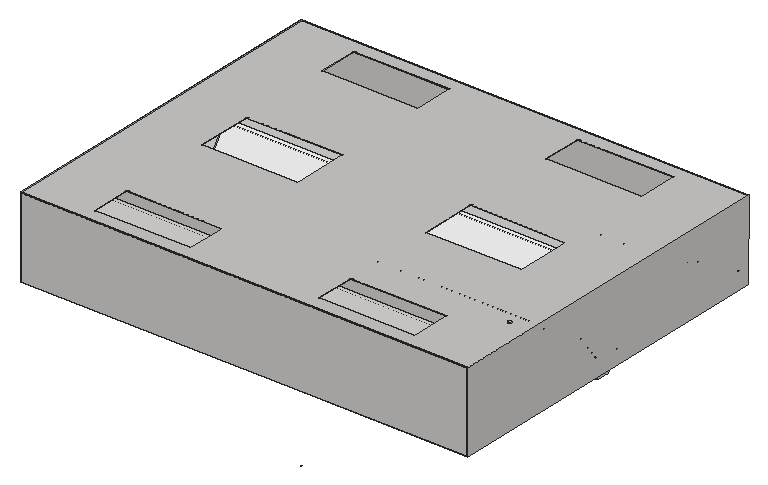
Revit family "QF_ELECTROLUXPROFESSIONAL_641268_STCF2228", category Specialty Equipment, Revit 2014
Reference planes
  plane 1: z = 0
  plane 2 "Center (Left/Right)": x = 150
  plane 3 "LEFT": x = -1250
  plane 4 "RIGHT": x = 1550
  plane 5 "BACK": y = 550
  plane 6 "TOP": z = 2500
  plane 7 "Base": z = 2000
  plane 8: z = 1955
  plane 9: x = -1247
  plane 10 "DrainX": x = 1430
  plane 11 "AOLeft2": x = -250
  plane 12 "AORight1": x = 550
  plane 13: x = 1547
  plane 14: x = -1050
  plane 15: x = 1350
  plane 16 "Center (Front/Back)": y = -550
  plane 17 "Front": y = -1650
  plane 18 "AOLeft1": x = -850
  plane 19 "AORight2": x = 1150
  plane 20 "EI_y": y = -1170
  plane 21 "EIx": x = 1430
  plane 22: y = 464
  plane 23: y = 214
  plane 24: y = -1564
  plane 25: y = -1314
  plane 26: y = -375
  plane 27: y = -725
Forms (mm)
  Extrusion 1, solid, material "QF_Finishes_Stainless Steel"
    sketch origin (-1250, 0, 360) x (0, 1, 0) y (0, 0, 1)
      loop
        line (550, 1640) -> (550, 2140) -> (-1650, 2140) -> (-1650, 1640) -> (550, 1640)
    from 0 to 3
  Extrusion 2, solid, material "QF_Finishes_Stainless Steel"
    sketch origin (1550, 0, 360) x (0, 1, 0) y (0, 0, 1)
      loop
        line (550, 1640) -> (550, 2140) -> (-1650, 2140) -> (-1650, 1640) -> (550, 1640)
    from 0 to -3
  Extrusion 3, solid, material "QF_Finishes_Stainless Steel"
    sketch origin (150, 0, 360) x (0, 1, 0) y (0, 0, 1)
      loop
        line (-1650, 2140) -> (-1650, 1640) -> (-1640, 1640) -> (-1640, 1640.8) -> (-1649.2, 1640.8) -> (-1649.2, 2139.19) -> (549.2, 2139.19) -> (549.2, 1640.8) -> (540, 1640.8) -> (540, 1640) -> (550, 1640) -> (550, 2140) -> (-1650, 2140)
    from -1400 to 1400
  Extrusion 4, solid, material "QF_Finishes_Stainless Steel"
    sketch origin (0, -840, 2000) x (0, 1, 0) y (-1, 0, 0)
      loop
        circle (290, -1430) r 4.763
    from -30 to 0
  Extrusion 5, void
    sketch origin (0, 0, 2500) x (0, 1, 0) y (-1, 0, 0)
      loop
        line (-1564, 250) -> (-1314, 250) -> (-1314, 850) -> (-1564, 850) -> (-1564, 250)
    from 0 to -10
  Extrusion 6, solid, material "QF_Finishes_Stainless Steel"
    sketch origin (0, 0, 0) x (1, 0, 0) y (0, 1, 0)
      loop
        line (-1250, 550) -> (-1250, 549) -> (-1249, 549) -> (-1249, 550) -> (-1250, 550)
    from 0 to 1
  Sweep 7, solid, material "QF_Finishes_Stainless Steel"
    path origin (0, 0, 0) x (1, 0, 0) y (0, 1, 0)
      loop
        line (1550, 550) -> (-1250, 550) -> (-1250, -1650) -> (1550, -1650) -> (1550, 550)
    profile origin (1550, -550, 0) x (1, 0, 0) y (0, 0, 1)
      loop
        line (-3, 2000) -> (-3, 2000.8) -> (-19, 2000.8) -> (-19, 2010) -> (-20, 2010) -> (-20, 2000) -> (-3, 2000)
  Extrusion 8, solid, material "QF_Finishes_Stainless Steel"
    sketch origin (150, -636.588, -19.176) x (0, 0.995194, 0.097925) y (0, -0.097925, 0.995194)
      loop
        line (214.66, 2095.469) -> (240.643, 2110.471) -> (61.744, 2411.771) -> (35.948, 2396.455) -> (214.66, 2095.469)
    from -1397 to -1200
  Extrusion 9, void
    sketch origin (1134.605, 0, 2500) x (0, 1, 0) y (-1, 0, 0)
      loop
        line (-1564, -15.395) -> (-1314, -15.395) -> (-1314, 584.605) -> (-1564, 584.605) -> (-1564, -15.395)
    from 0 to -10
  Extrusion 10, solid, material "QF_Finishes_Stainless Steel"
    sketch origin (1430, -840, 0) x (0, 1, 0) y (0, 0, 1)
      loop
        line (339, 2000) -> (241, 2000) -> (241, 1989) -> (248.5, 1989) -> (248.5, 1965)
        arc (248.5, 1965) -> (251.429, 1957.929) -> (258.5, 1955) r 10
        line (258.5, 1955) -> (321.5, 1955)
        arc (321.5, 1955) -> (328.571, 1957.929) -> (331.5, 1965) r 10
        line (331.5, 1965) -> (331.5, 1989) -> (339, 1989) -> (339, 2000)
    from 90 to -90
  Extrusion 11, solid, material "QF_Finishes_Stainless Steel"
    sketch origin (150, -636.588, -19.176) x (0, 0.995194, 0.097925) y (0, -0.097925, 0.995194)
      loop
        line (214.66, 2095.469) -> (240.643, 2110.471) -> (61.744, 2411.771) -> (35.948, 2396.455) -> (214.66, 2095.469)
    from 1200 to 1397
  Extrusion 12, solid, material "QF_Finished_Chrome"
    sketch origin (150, -636.588, -19.176) x (0, 0.995194, 0.097925) y (0, -0.097925, 0.995194)
      loop
        line (214.66, 2095.469) -> (240.643, 2110.471) -> (61.744, 2411.771) -> (35.948, 2396.455) -> (214.66, 2095.469)
    from -1200 to 1200
  Extrusion 13, void
    sketch origin (0, 1180, 2500) x (0, 1, 0) y (-1, 0, 0)
      loop
        line (-1555, 250) -> (-1555, 850) -> (-1905, 850) -> (-1905, 250) -> (-1555, 250)
    from 0 to -10
  Extrusion 14, void
    sketch origin (1600, 1180, 2500) x (0, 1, 0) y (-1, 0, 0)
      loop
        line (-1555, 450) -> (-1555, 1050) -> (-1905, 1050) -> (-1905, 450) -> (-1555, 450)
    from 0 to -10
  Extrusion 15, solid, material "QF_Finishes_Stainless Steel"
    sketch origin (0, 0, 2500) x (0, 1, 0) y (-1, 0, 0)
      loop
        circle (-1170, -1430) r 10
    from 0 to 1.6
  Extrusion 16, solid, material "QF_LAMPS"
    sketch origin (150, -267.149, 218.369) x (0, 0.987229, -0.159309) y (0, 0.159309, 0.987229)
      loop
        line (-1250.105, 1928.62) -> (-1096.231, 2053.226) -> (-1104.529, 2063.269) -> (-1258.575, 1938.524) -> (-1250.105, 1928.62)
    from 1397 to -1397
  Extrusion 17, solid, material "QF_Finishes_Stainless Steel"
    sketch origin (150, 0, 360) x (0, 1, 0) y (0, 0, 1)
      loop
        line (-1650, 2139.19) -> (-1650, 1640) -> (-1586.602, 1640) -> (-1499.146, 1690.493) -> (-1510.058, 1709.394) -> (-1566.564, 1676.77) -> (-1614.704, 1680.982) -> (-1649.2, 1730.248) -> (-1649.2, 2139.19) -> (-1650, 2139.19)
      loop
        line (-1194.054, 1961.505) -> (-1200.838, 1972.631) -> (-1186.477, 1980.7) -> (-1186.477, 2127.391) -> (-1085.664, 2127.391) -> (-1029.871, 2072.95) -> (-1022.281, 2060.013) -> (-919.435, 2120.351) -> (-919.902, 2121.003) -> (-1021.996, 2061.107) -> (-1029.236, 2073.448) -> (-1085.338, 2128.191) -> (-1187.277, 2128.191) -> (-1187.277, 1982.446) -> (-1586.208, 1744.533) -> (-1576.362, 1728.386) -> (-1194.054, 1961.505)
    from -1397 to 1397
  Extrusion 18, void
    sketch origin (0, 814, 2500) x (0, 1, 0) y (-1, 0, 0)
      loop
        line (-600, 250) -> (-350, 250) -> (-350, 850) -> (-600, 850) -> (-600, 250)
    from 0 to -10
  Extrusion 19, void
    sketch origin (1134.605, 814, 2500) x (0, 1, 0) y (-1, 0, 0)
      loop
        line (-600, -15.395) -> (-350, -15.395) -> (-350, 584.605) -> (-600, 584.605) -> (-600, -15.395)
    from 0 to -10
  Extrusion 20, solid, material "QF_Finishes_Stainless Steel"
    sketch origin (150, 0, 0) x (0, 1, 0) y (0, 0, 1)
      loop
        line (-628.158, 2087.242) -> (-603.769, 2104.716) -> (-811.314, 2387.05) -> (-835.486, 2369.281) -> (-628.158, 2087.242)
    from -1397 to -1200
  Extrusion 21, solid, material "QF_Finished_Chrome"
    sketch origin (150, 0, 0) x (0, 1, 0) y (0, 0, 1)
      loop
        line (-628.158, 2087.242) -> (-603.769, 2104.716) -> (-811.314, 2387.05) -> (-835.486, 2369.281) -> (-628.158, 2087.242)
    from -1200 to 1200
  Extrusion 22, solid, material "QF_Finishes_Stainless Steel"
    sketch origin (150, -870.88, 319.508) x (0, 0.995194, 0.097925) y (0, -0.097925, 0.995194)
      loop
        line (426.151, 1646.675) -> (483.9, 1640.993) -> (483.982, 1641.83) -> (426.613, 1647.475) -> (371.906, 1742.23) -> (414.858, 1734.657) -> (442.266, 1750.481) -> (442.266, 1765.943) -> (441.466, 1765.943) -> (441.466, 1750.943) -> (414.709, 1735.495) -> (321.153, 1751.991) -> (320.875, 1750.416) -> (371.4, 1741.507) -> (426.151, 1646.675)
      loop
        line (162.878, 2155.907) -> (242.893, 2017.316) -> (245.133, 2018.715) -> (240.13, 2027.381) -> (238.569, 2026.405) -> (163.571, 2156.307) -> (162.878, 2155.907)
    from -1397 to 1397
  Extrusion 23, solid, material "QF_Finishes_Stainless Steel"
    sketch origin (150, -463.412, -19.176) x (0, -0.995194, 0.097925) y (0, -0.097925, -0.995194)
      loop
        line (214.66, -2095.469) -> (35.948, -2396.455) -> (61.744, -2411.771) -> (240.643, -2110.471) -> (214.66, -2095.469)
    from 1200 to 1397
  Extrusion 24, solid, material "QF_Finishes_Stainless Steel"
    sketch origin (150, 0, 0) x (0, 1, 0) y (0, 0, 1)
      loop
        line (-471.842, 2087.242) -> (-264.514, 2369.281) -> (-288.686, 2387.05) -> (-496.231, 2104.716) -> (-471.842, 2087.242)
    from -1397 to -1200
  Extrusion 25, solid, material "QF_Finished_Chrome"
    sketch origin (150, 0, 0) x (0, 1, 0) y (0, 0, 1)
      loop
        line (-471.842, 2087.242) -> (-264.514, 2369.281) -> (-288.686, 2387.05) -> (-496.231, 2104.716) -> (-471.842, 2087.242)
    from -1200 to 1200
  Extrusion 26, solid, material "QF_Finishes_Stainless Steel"
    sketch origin (150, -229.12, 319.508) x (0, -0.995194, 0.097925) y (0, -0.097925, -0.995194)
      loop
        line (426.151, -1646.675) -> (371.4, -1741.507) -> (320.875, -1750.416) -> (321.153, -1751.991) -> (414.709, -1735.495) -> (441.466, -1750.943) -> (441.466, -1765.943) -> (442.266, -1765.943) -> (442.266, -1750.481) -> (414.858, -1734.657) -> (371.906, -1742.23) -> (426.613, -1647.475) -> (483.982, -1641.83) -> (483.9, -1640.993) -> (426.151, -1646.675)
      loop
        line (162.878, -2155.907) -> (163.571, -2156.307) -> (238.569, -2026.405) -> (240.13, -2027.381) -> (245.133, -2018.715) -> (242.893, -2017.316) -> (162.878, -2155.907)
    from -1397 to 1397
  Extrusion 27, solid, material "QF_LAMPS"
    sketch origin (150, -832.851, 218.369) x (0, -0.987229, -0.159309) y (0, 0.159309, -0.987229)
      loop
        line (-1250.105, -1928.62) -> (-1258.575, -1938.524) -> (-1104.529, -2063.269) -> (-1096.231, -2053.226) -> (-1250.105, -1928.62)
    from 1397 to -1397
  Extrusion 28, solid, material "QF_Finishes_Stainless Steel"
    sketch origin (150, -1100, 360) x (0, -1, 0) y (0, 0, -1)
      loop
        line (-1650, -2139.19) -> (-1649.2, -2139.19) -> (-1649.2, -1730.248) -> (-1614.704, -1680.982) -> (-1566.564, -1676.77) -> (-1510.058, -1709.394) -> (-1499.146, -1690.493) -> (-1586.602, -1640) -> (-1650, -1640) -> (-1650, -2139.19)
      loop
        line (-1194.054, -1961.505) -> (-1576.362, -1728.386) -> (-1586.208, -1744.533) -> (-1187.277, -1982.446) -> (-1187.277, -2128.191) -> (-1085.338, -2128.191) -> (-1029.236, -2073.448) -> (-1021.996, -2061.107) -> (-919.902, -2121.003) -> (-919.435, -2120.351) -> (-1022.281, -2060.013) -> (-1029.871, -2072.95) -> (-1085.664, -2127.391) -> (-1186.477, -2127.391) -> (-1186.477, -1980.7) -> (-1200.838, -1972.631) -> (-1194.054, -1961.505)
    from -1397 to 1397
Cuts and joins
  Extrusion 5, Extrusion 9, Extrusion 13, Extrusion 14, Extrusion 18, Extrusion 19 cuts Extrusion 3
  joined: Extrusion 2, Extrusion 3, Sweep 7
Lines and regions (mm)
  symbolic lines, style "SpecialityEquipment", detail levels coarse
    curve 1: line (1550, 550, 2500) -> (-1250, 550, 2500)
    curve 2: line (-1250, 550, 2500) -> (-1250, -1650, 2500)
    curve 3: line (1550, -1650, 2500) -> (1550, 550, 2500)
    curve 4: line (-1250, 550, 0) -> (1550, -1650, 0)
    curve 5: line (1550, 550, 0) -> (-1250, -1650, 0)
    curve 6: line (-1250, -1650, 0) -> (1550, -1650, 0)
  symbolic lines, detail levels coarse
    curve 7: line (-850, 464, 2500) -> (-250, 464, 2500)
    curve 8: line (-850, 214, 2500) -> (-850, 464, 2500)
    curve 9: line (-250, 214, 2500) -> (-850, 214, 2500)
    curve 10: line (-250, 464, 2500) -> (-250, 214, 2500)
    curve 11: line (550, 464, 2500) -> (1150, 464, 2500)
    curve 12: line (550, 214, 2500) -> (550, 464, 2500)
    curve 13: line (1150, 214, 2500) -> (550, 214, 2500)
    curve 14: line (1150, 464, 2500) -> (1150, 214, 2500)
    curve 15: line (-850, -375, 2500) -> (-250, -375, 2500)
    curve 16: line (-850, -725, 2500) -> (-850, -375, 2500)
    curve 17: line (-250, -725, 2500) -> (-850, -725, 2500)
    curve 18: line (-250, -375, 2500) -> (-250, -725, 2500)
    curve 19: line (550, -375, 2500) -> (1150, -375, 2500)
    curve 20: line (550, -725, 2500) -> (550, -375, 2500)
    curve 21: line (1150, -725, 2500) -> (550, -725, 2500)
    curve 22: line (1150, -375, 2500) -> (1150, -725, 2500)
    curve 23: line (-850, -1314, 2500) -> (-250, -1314, 2500)
    curve 24: line (-850, -1564, 2500) -> (-850, -1314, 2500)
    curve 25: line (-250, -1564, 2500) -> (-850, -1564, 2500)
    curve 26: line (-250, -1314, 2500) -> (-250, -1564, 2500)
    curve 27: line (550, -1314, 2500) -> (1150, -1314, 2500)
    curve 28: line (550, -1564, 2500) -> (550, -1314, 2500)
    curve 29: line (1150, -1564, 2500) -> (550, -1564, 2500)
    curve 30: line (1150, -1314, 2500) -> (1150, -1564, 2500)
Dimensions and locks
  plane 3 "LEFT" to plane 4 "RIGHT" = 2800 mm
  equal spacing: plane 3 "LEFT", plane 2 "Center (Left/Right)", plane 4 "RIGHT"
  plane 7 "Base" to plane 8 = 45 mm
  plane 3 "LEFT" to plane 9 = 3 mm
  plane 10 "DrainX" to plane 4 "RIGHT" = 120 mm
  plane 13 to plane 4 "RIGHT" = 3 mm
  plane 3 "LEFT" to plane 14 = 200 mm
  plane 15 to plane 4 "RIGHT" = 200 mm
  locked: plane 11 "AOLeft2" to plane 12 "AORight1" at 800
  equal spacing: plane 11 "AOLeft2", plane 2 "Center (Left/Right)", plane 12 "AORight1"
  locked: plane 7 "Base" to level at 2000
  locked: plane 6 "TOP" to plane 7 "Base" at 500
  locked: plane 18 "AOLeft1" to plane 11 "AOLeft2" at 600
  locked: plane 12 "AORight1" to plane 19 "AORight2" at 600
  locked: plane 20 "EI_y" to plane 17 "Front" at 480
  locked: plane 21 "EIx" to plane 4 "RIGHT" at 120
  locked: plane 5 "BACK" to plane 22 at 86
  plane 22 to plane 23 = 250 mm
  locked: plane 24 to plane 17 "Front" at 86
  locked: plane 24 to plane 25 at 250
  plane 26 to plane 16 "Center (Front/Back)" = 175 mm
  plane 16 "Center (Front/Back)" to plane 27 = 175 mm
  plane 26 to plane 27 = 350 mm
  locked: plane 5 "BACK" to plane 17 "Front" at 2200
  plane 5 "BACK" to plane 16 "Center (Front/Back)" to plane 17 "Front" = 1100 mm, 1100 mm
  plane 5 "BACK" to plane 17 "Front" = 2200 mm
  aligned and locked: level to plane 1
  aligned and locked: plane 4 "RIGHT" to Extrusion 3
  aligned and locked: Extrusion 3 to plane 3 "LEFT"
  aligned and locked: Extrusion 2 to plane 13
  aligned and locked: Extrusion 8 to plane 9
  aligned and locked: plane 18 "AOLeft1" to Extrusion 5
  aligned and locked: Extrusion 5 to plane 11 "AOLeft2"
  aligned and locked: Extrusion 9 to plane 19 "AORight2"
  aligned and locked: plane 12 "AORight1" to Extrusion 9
  aligned and locked: plane 14 to Extrusion 8
  aligned and locked: plane 15 to Extrusion 11
  aligned and locked: plane 13 to Extrusion 11
  aligned and locked: Extrusion 12 to plane 14
  aligned and locked: Extrusion 12 to plane 15
  aligned and locked: plane 12 "AORight1" to Extrusion 14
  aligned and locked: plane 19 "AORight2" to Extrusion 14
  aligned and locked: Extrusion 13 to plane 18 "AOLeft1"
  aligned and locked: Extrusion 13 to plane 11 "AOLeft2"
  aligned and locked: plane 24 to Extrusion 5
  aligned and locked: Extrusion 5 to plane 25
  aligned and locked: Extrusion 9 to plane 25
  aligned and locked: plane 24 to Extrusion 9
  aligned and locked: Extrusion 18 to plane 18 "AOLeft1"
  aligned and locked: Extrusion 18 to plane 11 "AOLeft2"
  aligned and locked: plane 12 "AORight1" to Extrusion 19
  aligned and locked: plane 19 "AORight2" to Extrusion 19
  aligned and locked: plane 26 to Extrusion 13
  aligned and locked: Extrusion 13 to plane 27
  aligned and locked: plane 26 to Extrusion 14
  aligned and locked: Extrusion 14 to plane 27
  aligned and locked: plane 22 to Extrusion 18
  aligned and locked: Extrusion 18 to plane 23
  aligned and locked: plane 22 to Extrusion 19
  aligned and locked: Extrusion 19 to plane 23
  aligned and locked: Extrusion 17 to plane 9
  aligned and locked: Extrusion 16 to plane 9
  aligned and locked: Extrusion 16 to plane 13
  aligned and locked: Extrusion 17 to plane 13
  aligned and locked: Extrusion 28 to plane 9
  aligned and locked: Extrusion 27 to plane 9
  aligned and locked: Extrusion 26 to plane 9
  aligned and locked: plane 9 to Extrusion 20
  aligned and locked: Extrusion 22 to plane 9
  aligned and locked: plane 14 to Extrusion 20
  aligned and locked: Extrusion 25 to plane 14
  aligned and locked: plane 13 to Extrusion 22
  aligned and locked: plane 13 to Extrusion 26
  aligned and locked: plane 13 to Extrusion 28
  aligned and locked: Extrusion 23 to plane 13
  aligned and locked: plane 13 to Extrusion 27
  aligned and locked: Extrusion 21 to plane 14
  aligned and locked: Extrusion 21 to plane 15
  aligned and locked: plane 15 to Extrusion 23
  aligned and locked: Extrusion 25 to plane 15
  aligned and locked: plane 14 to Extrusion 24
  aligned and locked: Extrusion 24 to plane 9
Automatic sketch dimensions
  curve 6 to plane 3 "LEFT" = 0 mm
  curve 4 to plane 3 "LEFT" = 0 mm
  curve 5 to plane 4 "RIGHT" = 0 mm
  curve 6 to plane 4 "RIGHT" = 0 mm
  curve 4 to plane 17 "Front" = 0 mm
  curve 5 to plane 5 "BACK" = 0 mm
  curve 4 to plane 5 "BACK" = 0 mm
  Extrusion 1 sketch curve to plane 7 "Base" = 0 mm
  Extrusion 1 sketch curve to plane 17 "Front" = 0 mm
  Extrusion 1 sketch curve to plane 5 "BACK" = 0 mm
  Extrusion 1 sketch curve to plane 6 "TOP" = 0 mm
  Extrusion 2 sketch curve to plane 7 "Base" = 0 mm
  Extrusion 2 sketch curve to plane 17 "Front" = 0 mm
  Extrusion 2 sketch curve to plane 5 "BACK" = 0 mm
  Extrusion 2 sketch curve to plane 6 "TOP" = 0 mm
  Extrusion 3 sketch curve to plane 6 "TOP" = 0 mm
  Extrusion 3 sketch curve to plane 17 "Front" = 0 mm
  Extrusion 3 sketch curve to plane 7 "Base" = 0 mm  (x2)
  Extrusion 3 sketch curve to plane 5 "BACK" = 0 mm
  plane 17 "Front" to Extrusion 3 sketch curve = 0.8 mm
  Extrusion 3 sketch curve to Extrusion 3 sketch curve = 9.2 mm
  plane 7 "Base" to Extrusion 3 sketch curve = 0.8 mm  (x2)
  Extrusion 3 sketch curve to plane 5 "BACK" = 10 mm
  Extrusion 3 sketch curve to plane 5 "BACK" = 0.8 mm
  Extrusion 3 sketch curve to plane 6 "TOP" = 0.81 mm
  Extrusion 4 sketch curve to plane 10 "DrainX" = 0 mm
  Extrusion 4 sketch curve to plane 16 "Center (Front/Back)" = 0 mm
  Extrusion 5 sketch curve to plane 18 "AOLeft1" = 0 mm
  plane 24 to Extrusion 5 sketch curve = 0 mm
  Extrusion 5 sketch curve to plane 11 "AOLeft2" = 0 mm
  plane 25 to Extrusion 5 sketch curve = 0 mm
  Extrusion 6 sketch curve to plane 3 "LEFT" = 0 mm
  Extrusion 6 sketch curve to plane 5 "BACK" = 0 mm
  plane 3 "LEFT" to Extrusion 6 sketch curve = 1 mm
  Extrusion 6 sketch curve to Extrusion 6 sketch curve = 1 mm
  Sweep 7 sketch curve to plane 3 "LEFT" = 0 mm
  Sweep 7 sketch curve to plane 4 "RIGHT" = 0 mm
  Sweep 7 sketch curve to plane 17 "Front" = 0 mm
  Sweep 7 sketch curve to plane 5 "BACK" = 0 mm
  profile plane to Sweep 7 sketch curve = 20 mm
  Sweep 7 sketch curve to Sweep 7 sketch curve = 1 mm
  profile plane to Sweep 7 sketch curve = 3 mm
  level to Sweep 7 sketch curve = 2000 mm
  Sweep 7 sketch curve to Sweep 7 sketch curve = 0.8 mm
  Sweep 7 sketch curve to Sweep 7 sketch curve = 9.2 mm
  Extrusion 8 sketch curve to plane 27 = 110.486 mm
  Extrusion 8 sketch curve to plane 6 "TOP" = 130.719 mm
  Extrusion 8 sketch curve to Extrusion 8 sketch curve = 25.795 mm
  Extrusion 8 sketch curve to Extrusion 8 sketch curve = 178.712 mm
  Extrusion 8 sketch curve to Extrusion 8 sketch curve = 25.983 mm
  Extrusion 8 sketch curve to Extrusion 8 sketch curve = 285.985 mm
  Extrusion 8 sketch curve to Extrusion 8 sketch curve = 15.001 mm
  Extrusion 8 sketch curve to Extrusion 8 sketch curve = 15.316 mm
  Extrusion 9 sketch curve to plane 12 "AORight1" = 0 mm
  plane 24 to Extrusion 9 sketch curve = 0 mm
  Extrusion 9 sketch curve to plane 19 "AORight2" = 0 mm
  plane 25 to Extrusion 9 sketch curve = 0 mm
  Extrusion 10 sketch curve to plane 8 = 0 mm
  Extrusion 10 sketch curve to plane 7 "Base" = 11 mm  (x2)
  Extrusion 10 sketch curve to plane 16 "Center (Front/Back)" = 49 mm
  Extrusion 10 sketch curve to Extrusion 10 sketch curve = 7.5 mm  (x2)
  plane 8 to Extrusion 10 sketch curve = 10 mm
  plane 16 "Center (Front/Back)" to Extrusion 10 sketch curve = 31.5 mm
  Extrusion 10 sketch curve to Extrusion 10 sketch curve = 10 mm
  plane 7 "Base" to Extrusion 10 sketch curve = 0 mm
  Extrusion 11 sketch curve to plane 27 = 110.486 mm
  Extrusion 11 sketch curve to plane 6 "TOP" = 130.719 mm
  Extrusion 11 sketch curve to Extrusion 11 sketch curve = 25.795 mm
  Extrusion 11 sketch curve to Extrusion 11 sketch curve = 178.712 mm
  Extrusion 11 sketch curve to Extrusion 11 sketch curve = 25.983 mm
  Extrusion 11 sketch curve to Extrusion 11 sketch curve = 285.985 mm
  Extrusion 11 sketch curve to Extrusion 11 sketch curve = 15.001 mm
  Extrusion 11 sketch curve to Extrusion 11 sketch curve = 15.316 mm
  Extrusion 12 sketch curve to plane 27 = 110.486 mm
  Extrusion 12 sketch curve to plane 6 "TOP" = 130.719 mm
  Extrusion 12 sketch curve to Extrusion 12 sketch curve = 25.795 mm
  Extrusion 12 sketch curve to Extrusion 12 sketch curve = 178.712 mm
  Extrusion 12 sketch curve to Extrusion 12 sketch curve = 25.983 mm
  Extrusion 12 sketch curve to Extrusion 12 sketch curve = 285.985 mm
  Extrusion 12 sketch curve to Extrusion 12 sketch curve = 15.001 mm
  Extrusion 12 sketch curve to Extrusion 12 sketch curve = 15.316 mm
  Extrusion 13 sketch curve to plane 11 "AOLeft2" = 0 mm
  Extrusion 13 sketch curve to plane 27 = 0 mm
  Extrusion 13 sketch curve to plane 26 = 0 mm
  Extrusion 13 sketch curve to plane 18 "AOLeft1" = 0 mm
  Extrusion 14 sketch curve to plane 19 "AORight2" = 0 mm
  Extrusion 14 sketch curve to plane 27 = 0 mm
  Extrusion 14 sketch curve to plane 26 = 0 mm
  Extrusion 14 sketch curve to plane 12 "AORight1" = 0 mm
  Extrusion 15 sketch curve to plane 20 "EI_y" = 0 mm
  Extrusion 15 sketch curve to plane 21 "EIx" = 0 mm
  Extrusion 16 sketch curve to plane 20 "EI_y" = 30.826 mm
  Extrusion 16 sketch curve to plane 6 "TOP" = 167.362 mm
  Extrusion 16 sketch curve to Extrusion 16 sketch curve = 8.47 mm
  Extrusion 16 sketch curve to Extrusion 16 sketch curve = 154.047 mm
  Extrusion 16 sketch curve to Extrusion 16 sketch curve = 8.298 mm
  Extrusion 16 sketch curve to Extrusion 16 sketch curve = 9.904 mm
  Extrusion 16 sketch curve to Extrusion 16 sketch curve = 124.605 mm
  Extrusion 16 sketch curve to Extrusion 16 sketch curve = 10.043 mm
  Extrusion 17 sketch curve to plane 17 "Front" = 0 mm
  Extrusion 17 sketch curve to plane 7 "Base" = 0 mm
  plane 17 "Front" to Extrusion 17 sketch curve = 0.8 mm
  plane 17 "Front" to Extrusion 17 sketch curve = 35.296 mm
  plane 24 to Extrusion 17 sketch curve = 22.602 mm
  plane 24 to Extrusion 17 sketch curve = 22.208 mm
  plane 24 to Extrusion 17 sketch curve = 12.362 mm
  plane 24 to Extrusion 17 sketch curve = 2.564 mm
  Extrusion 17 sketch curve to plane 24 = 53.942 mm
  Extrusion 17 sketch curve to Extrusion 17 sketch curve = 10.912 mm
  Extrusion 17 sketch curve to plane 20 "EI_y" = 30.838 mm
  Extrusion 17 sketch curve to Extrusion 17 sketch curve = 6.784 mm
  Extrusion 17 sketch curve to Extrusion 17 sketch curve = 13.561 mm
  Extrusion 17 sketch curve to Extrusion 17 sketch curve = 0.8 mm  (x2)
  Extrusion 17 sketch curve to plane 6 "TOP" = 12.609 mm
  plane 20 "EI_y" to Extrusion 17 sketch curve = 84.336 mm
  Extrusion 17 sketch curve to Extrusion 17 sketch curve = 0.326 mm
  Extrusion 17 sketch curve to plane 6 "TOP" = 67.05 mm
  Extrusion 17 sketch curve to Extrusion 17 sketch curve = 55.793 mm
  Extrusion 17 sketch curve to plane 6 "TOP" = 66.552 mm
  Extrusion 17 sketch curve to Extrusion 17 sketch curve = 0.636 mm
  Extrusion 17 sketch curve to Extrusion 17 sketch curve = 7.59 mm
  Extrusion 17 sketch curve to plane 6 "TOP" = 78.893 mm
  Extrusion 17 sketch curve to Extrusion 17 sketch curve = 0.285 mm
  Extrusion 17 sketch curve to plane 6 "TOP" = 18.997 mm
  Extrusion 17 sketch curve to plane 6 "TOP" = 19.649 mm
  Extrusion 17 sketch curve to Extrusion 17 sketch curve = 0.467 mm
  plane 7 "Base" to Extrusion 17 sketch curve = 36.77 mm
  plane 7 "Base" to Extrusion 17 sketch curve = 40.982 mm
  plane 7 "Base" to Extrusion 17 sketch curve = 50.493 mm
  Extrusion 17 sketch curve to Extrusion 17 sketch curve = 18.901 mm
  Extrusion 17 sketch curve to Extrusion 17 sketch curve = 51.616 mm
  Extrusion 17 sketch curve to Extrusion 17 sketch curve = 49.266 mm
  Extrusion 17 sketch curve to Extrusion 17 sketch curve = 16.147 mm
  Extrusion 17 sketch curve to Extrusion 17 sketch curve = 165.885 mm
  Extrusion 17 sketch curve to Extrusion 17 sketch curve = 8.069 mm
  Extrusion 17 sketch curve to Extrusion 17 sketch curve = 1.746 mm
  Extrusion 17 sketch curve to Extrusion 17 sketch curve = 1.094 mm
  Extrusion 17 sketch curve to plane 6 "TOP" = 0.81 mm
  plane 18 "AOLeft1" to Extrusion 18 sketch curve = 0 mm
  Extrusion 18 sketch curve to plane 23 = 0 mm
  Extrusion 18 sketch curve to plane 11 "AOLeft2" = 0 mm
  Extrusion 18 sketch curve to plane 22 = 0 mm
  Extrusion 19 sketch curve to plane 12 "AORight1" = 0 mm
  Extrusion 19 sketch curve to plane 23 = 0 mm
  Extrusion 19 sketch curve to plane 19 "AORight2" = 0 mm
  Extrusion 19 sketch curve to plane 22 = 0 mm
  Extrusion 22 sketch curve to plane 6 "TOP" = 18.997 mm
  Extrusion 22 sketch curve to plane 27 = 194.902 mm
  Extrusion 22 sketch curve to Extrusion 22 sketch curve = 0.693 mm
  Extrusion 22 sketch curve to Extrusion 22 sketch curve = 74.998 mm
  Extrusion 22 sketch curve to Extrusion 22 sketch curve = 1.561 mm
  Extrusion 22 sketch curve to Extrusion 22 sketch curve = 4.324 mm
  Extrusion 22 sketch curve to Extrusion 22 sketch curve = 2.24 mm
  Extrusion 22 sketch curve to Extrusion 22 sketch curve = 77.982 mm
  Extrusion 22 sketch curve to Extrusion 22 sketch curve = 0.278 mm
  Extrusion 22 sketch curve to Extrusion 22 sketch curve = 50.525 mm
  Extrusion 22 sketch curve to Extrusion 22 sketch curve = 0.506 mm
  Extrusion 22 sketch curve to Extrusion 22 sketch curve = 42.803 mm
  Extrusion 22 sketch curve to Extrusion 22 sketch curve = 0.148 mm
  Extrusion 22 sketch curve to Extrusion 22 sketch curve = 11.294 mm
  Extrusion 22 sketch curve to Extrusion 22 sketch curve = 0.462 mm  (x2)
  Extrusion 22 sketch curve to Extrusion 22 sketch curve = 57.287 mm
  Extrusion 22 sketch curve to Extrusion 22 sketch curve = 0.082 mm
  Extrusion 22 sketch curve to Extrusion 22 sketch curve = 26.757 mm
  Extrusion 22 sketch curve to Extrusion 22 sketch curve = 0.8 mm
  Extrusion 22 sketch curve to Extrusion 22 sketch curve = 128.526 mm
  Extrusion 22 sketch curve to Extrusion 22 sketch curve = 0.975 mm
  Extrusion 22 sketch curve to Extrusion 22 sketch curve = 1.399 mm
  Extrusion 22 sketch curve to Extrusion 22 sketch curve = 252.773 mm
  Extrusion 22 sketch curve to Extrusion 22 sketch curve = 13.951 mm
  Extrusion 22 sketch curve to Extrusion 22 sketch curve = 15 mm
  Extrusion 22 sketch curve to Extrusion 22 sketch curve = 1.575 mm
  Extrusion 22 sketch curve to Extrusion 22 sketch curve = 0.723 mm
  Extrusion 22 sketch curve to Extrusion 22 sketch curve = 0.838 mm
  Extrusion 22 sketch curve to Extrusion 22 sketch curve = 87.182 mm
  Extrusion 22 sketch curve to Extrusion 22 sketch curve = 5.645 mm
  Extrusion 23 sketch curve to plane 26 = 110.486 mm
  plane 6 "TOP" to Extrusion 23 sketch curve = 130.719 mm
  Extrusion 23 sketch curve to Extrusion 23 sketch curve = 25.795 mm
  Extrusion 23 sketch curve to Extrusion 23 sketch curve = 178.712 mm
  Extrusion 23 sketch curve to Extrusion 23 sketch curve = 25.983 mm
  Extrusion 23 sketch curve to Extrusion 23 sketch curve = 285.985 mm
  Extrusion 23 sketch curve to Extrusion 23 sketch curve = 15.001 mm
  Extrusion 23 sketch curve to Extrusion 23 sketch curve = 15.316 mm
  Extrusion 26 sketch curve to plane 6 "TOP" = 18.997 mm
  plane 26 to Extrusion 26 sketch curve = 194.902 mm
  Extrusion 26 sketch curve to Extrusion 26 sketch curve = 0.693 mm
  Extrusion 26 sketch curve to Extrusion 26 sketch curve = 74.998 mm
  Extrusion 26 sketch curve to Extrusion 26 sketch curve = 1.561 mm
  Extrusion 26 sketch curve to Extrusion 26 sketch curve = 4.324 mm
  Extrusion 26 sketch curve to Extrusion 26 sketch curve = 2.24 mm
  Extrusion 26 sketch curve to Extrusion 26 sketch curve = 77.982 mm
  Extrusion 26 sketch curve to Extrusion 26 sketch curve = 0.278 mm
  Extrusion 26 sketch curve to Extrusion 26 sketch curve = 50.525 mm
  Extrusion 26 sketch curve to Extrusion 26 sketch curve = 0.506 mm
  Extrusion 26 sketch curve to Extrusion 26 sketch curve = 42.803 mm
  Extrusion 26 sketch curve to Extrusion 26 sketch curve = 0.148 mm
  Extrusion 26 sketch curve to Extrusion 26 sketch curve = 11.294 mm
  Extrusion 26 sketch curve to Extrusion 26 sketch curve = 0.462 mm  (x2)
  Extrusion 26 sketch curve to Extrusion 26 sketch curve = 57.287 mm
  Extrusion 26 sketch curve to Extrusion 26 sketch curve = 0.082 mm
  Extrusion 26 sketch curve to Extrusion 26 sketch curve = 26.757 mm
  Extrusion 26 sketch curve to Extrusion 26 sketch curve = 0.8 mm
  Extrusion 26 sketch curve to Extrusion 26 sketch curve = 0.4 mm
  Extrusion 26 sketch curve to Extrusion 26 sketch curve = 0.975 mm
  Extrusion 26 sketch curve to Extrusion 26 sketch curve = 1.399 mm
  Extrusion 26 sketch curve to Extrusion 26 sketch curve = 252.773 mm
  Extrusion 26 sketch curve to Extrusion 26 sketch curve = 13.951 mm
  Extrusion 26 sketch curve to Extrusion 26 sketch curve = 15 mm
  Extrusion 26 sketch curve to Extrusion 26 sketch curve = 1.575 mm
  Extrusion 26 sketch curve to Extrusion 26 sketch curve = 0.723 mm
  Extrusion 26 sketch curve to Extrusion 26 sketch curve = 0.838 mm
  Extrusion 26 sketch curve to Extrusion 26 sketch curve = 87.182 mm
  Extrusion 26 sketch curve to Extrusion 26 sketch curve = 5.645 mm
  plane 23 to Extrusion 27 sketch curve = 113.174 mm
  plane 6 "TOP" to Extrusion 27 sketch curve = 167.362 mm
  Extrusion 27 sketch curve to Extrusion 27 sketch curve = 8.47 mm
  Extrusion 27 sketch curve to Extrusion 27 sketch curve = 154.047 mm
  Extrusion 27 sketch curve to Extrusion 27 sketch curve = 8.298 mm
  Extrusion 27 sketch curve to Extrusion 27 sketch curve = 9.904 mm
  Extrusion 27 sketch curve to Extrusion 27 sketch curve = 124.605 mm
  Extrusion 27 sketch curve to Extrusion 27 sketch curve = 10.043 mm
  Extrusion 28 sketch curve to plane 5 "BACK" = 0 mm
  Extrusion 28 sketch curve to plane 7 "Base" = 0 mm
  Extrusion 28 sketch curve to Extrusion 28 sketch curve = 0.8 mm  (x3)
  plane 5 "BACK" to Extrusion 28 sketch curve = 35.296 mm
  Extrusion 28 sketch curve to plane 22 = 22.602 mm
  Extrusion 28 sketch curve to plane 22 = 22.208 mm
  Extrusion 28 sketch curve to plane 22 = 12.362 mm
  Extrusion 28 sketch curve to plane 22 = 2.564 mm
  plane 22 to Extrusion 28 sketch curve = 53.942 mm
  Extrusion 28 sketch curve to Extrusion 28 sketch curve = 10.912 mm
  plane 23 to Extrusion 28 sketch curve = 113.162 mm
  Extrusion 28 sketch curve to Extrusion 28 sketch curve = 6.784 mm
  Extrusion 28 sketch curve to Extrusion 28 sketch curve = 13.561 mm
  plane 6 "TOP" to Extrusion 28 sketch curve = 12.609 mm
  Extrusion 28 sketch curve to Extrusion 28 sketch curve = 100.813 mm
  Extrusion 28 sketch curve to Extrusion 28 sketch curve = 0.326 mm
  plane 6 "TOP" to Extrusion 28 sketch curve = 67.05 mm
  Extrusion 28 sketch curve to Extrusion 28 sketch curve = 55.793 mm
  plane 6 "TOP" to Extrusion 28 sketch curve = 66.552 mm
  Extrusion 28 sketch curve to Extrusion 28 sketch curve = 0.636 mm
  plane 6 "TOP" to Extrusion 28 sketch curve = 79.987 mm
  Extrusion 28 sketch curve to Extrusion 28 sketch curve = 7.59 mm
  plane 6 "TOP" to Extrusion 28 sketch curve = 78.893 mm
  Extrusion 28 sketch curve to Extrusion 28 sketch curve = 0.285 mm
  plane 6 "TOP" to Extrusion 28 sketch curve = 18.997 mm
  plane 6 "TOP" to Extrusion 28 sketch curve = 19.649 mm
  Extrusion 28 sketch curve to Extrusion 28 sketch curve = 0.467 mm
  Extrusion 28 sketch curve to plane 7 "Base" = 36.77 mm
  Extrusion 28 sketch curve to plane 7 "Base" = 40.982 mm
  Extrusion 28 sketch curve to plane 7 "Base" = 50.493 mm
  Extrusion 28 sketch curve to Extrusion 28 sketch curve = 18.901 mm
  Extrusion 28 sketch curve to Extrusion 28 sketch curve = 51.616 mm
  Extrusion 28 sketch curve to Extrusion 28 sketch curve = 49.266 mm
  Extrusion 28 sketch curve to Extrusion 28 sketch curve = 16.147 mm
  Extrusion 28 sketch curve to Extrusion 28 sketch curve = 165.885 mm
  Extrusion 28 sketch curve to Extrusion 28 sketch curve = 8.069 mm
  Extrusion 28 sketch curve to Extrusion 28 sketch curve = 1.746 mm
  plane 6 "TOP" to Extrusion 28 sketch curve = 0.81 mm
  Extrusion 21 sketch curve to plane 27 = 110.486 mm
  Extrusion 21 sketch curve to Extrusion 21 sketch curve = 24.172 mm
  Extrusion 21 sketch curve to plane 16 "Center (Front/Back)" = 78.158 mm
  Extrusion 21 sketch curve to Extrusion 21 sketch curve = 24.389 mm
  plane 7 "Base" to Extrusion 21 sketch curve = 87.242 mm
  Extrusion 21 sketch curve to Extrusion 21 sketch curve = 17.473 mm
  Extrusion 21 sketch curve to plane 6 "TOP" = 130.719 mm
  Extrusion 21 sketch curve to Extrusion 21 sketch curve = 17.769 mm
  Extrusion 20 sketch curve to plane 27 = 110.486 mm
  Extrusion 20 sketch curve to Extrusion 20 sketch curve = 24.172 mm
  Extrusion 20 sketch curve to plane 16 "Center (Front/Back)" = 78.158 mm
  Extrusion 20 sketch curve to Extrusion 20 sketch curve = 24.389 mm
  plane 7 "Base" to Extrusion 20 sketch curve = 87.242 mm
  Extrusion 20 sketch curve to Extrusion 20 sketch curve = 17.473 mm
  Extrusion 20 sketch curve to plane 6 "TOP" = 130.719 mm
  Extrusion 20 sketch curve to Extrusion 20 sketch curve = 17.769 mm
  plane 16 "Center (Front/Back)" to Extrusion 24 sketch curve = 53.769 mm
  Extrusion 24 sketch curve to Extrusion 24 sketch curve = 24.389 mm
  plane 26 to Extrusion 24 sketch curve = 86.314 mm
  Extrusion 24 sketch curve to Extrusion 24 sketch curve = 24.172 mm
  plane 7 "Base" to Extrusion 24 sketch curve = 87.242 mm
  Extrusion 24 sketch curve to Extrusion 24 sketch curve = 17.473 mm
  Extrusion 24 sketch curve to plane 6 "TOP" = 130.719 mm
  Extrusion 24 sketch curve to Extrusion 24 sketch curve = 17.769 mm
  plane 16 "Center (Front/Back)" to Extrusion 25 sketch curve = 53.769 mm
  Extrusion 25 sketch curve to Extrusion 25 sketch curve = 24.389 mm
  plane 26 to Extrusion 25 sketch curve = 86.314 mm
  Extrusion 25 sketch curve to Extrusion 25 sketch curve = 24.172 mm
  plane 7 "Base" to Extrusion 25 sketch curve = 87.242 mm
  Extrusion 25 sketch curve to Extrusion 25 sketch curve = 17.473 mm
  Extrusion 25 sketch curve to plane 6 "TOP" = 130.719 mm
  Extrusion 25 sketch curve to Extrusion 25 sketch curve = 17.769 mm
  curve 2 to plane 3 "LEFT" = 0 mm
  curve 2 to plane 17 "Front" = 0 mm
  curve 3 to plane 4 "RIGHT" = 0 mm
  curve 3 to plane 17 "Front" = 0 mm
  curve 29 to plane 12 "AORight1" = 0 mm
  plane 24 to curve 29 = 0 mm
  curve 25 to plane 11 "AOLeft2" = 0 mm
  plane 24 to curve 25 = 0 mm
  plane 25 to curve 26 = 0 mm
  plane 25 to curve 28 = 0 mm
  curve 22 to plane 19 "AORight2" = 0 mm
  curve 22 to plane 27 = 0 mm
  curve 18 to plane 11 "AOLeft2" = 0 mm
  curve 18 to plane 27 = 0 mm
  curve 16 to plane 18 "AOLeft1" = 0 mm
  curve 16 to plane 26 = 0 mm
  curve 19 to plane 12 "AORight1" = 0 mm
  curve 19 to plane 26 = 0 mm
  curve 13 to plane 12 "AORight1" = 0 mm
  curve 13 to plane 23 = 0 mm
  curve 9 to plane 11 "AOLeft2" = 0 mm
  curve 9 to plane 23 = 0 mm
  curve 10 to plane 22 = 0 mm
  curve 12 to plane 22 = 0 mm
  curve 2 to plane 5 "BACK" = 0 mm
  curve 27 to plane 19 "AORight2" = 0 mm
  curve 14 to plane 19 "AORight2" = 0 mm
  curve 7 to plane 18 "AOLeft1" = 0 mm
  curve 24 to plane 18 "AOLeft1" = 0 mm
  radius of Extrusion 4 sketch curve = 4.763 mm
  radius of Extrusion 15 sketch curve = 10 mm
Connectors
  piping at (1430, -550, 1970), diameter 9.5
    settings: on Extrusion 4, index 1, connector inside diameter 609.6 mm, connector length 0 mm, flow factor 0, pipe flow 0.0 L/s, pressure drop 0.0 Pa, fitting loss kfactor 0, connector angle 0.00°, fixture units 0, engagement length 0 mm, angle of deflection 0.00°, flow configuration 1, flow direction 2, fitting loss method 0, system type 16, joint type 0, gender type 0, connector reference index -1, connector utility 0, adjustable connector no, is connector primary yes, connector description "Drain"
  hvac at (-550, -1439, 2500)
    settings: on Extrusion 5, index 2, duct flow 0.0 L/s, flow factor 0, pres drop 0.0 Pa, loss coef 0, conn angle 0.00°, conn width 250 mm, conn height 600 mm, conn diameter 609.6 mm, duct sys type 1, conn prof type 1, flow config 1, flow direction 1, loss method 0, conn ref index -1, conn util no, is conn primary yes, conn desc "AIR INLET"
  hvac at (850, -1439, 2500)
    settings: on Extrusion 9, index 3, duct flow 0.0 L/s, flow factor 0, pres drop 0.0 Pa, loss coef 0, conn angle 0.00°, conn width 250 mm, conn height 600 mm, conn diameter 609.6 mm, duct sys type 1, conn prof type 1, flow config 1, flow direction 1, loss method 0, conn ref index -1, conn util no, is conn primary no, conn desc "AIR INLET"
  hvac at (-550, -550, 2500)
    settings: on Extrusion 13, index 4, duct flow 0.0 L/s, flow factor 0, pres drop 0.0 Pa, loss coef 0, conn angle 0.00°, conn width 350 mm, conn height 600 mm, conn diameter 609.6 mm, duct sys type 3, conn prof type 1, flow config 1, flow direction 2, loss method 0, conn ref index -1, conn util no, is conn primary no, conn desc "EXHAUST OUTLET"
  hvac at (850, -550, 2500)
    settings: on Extrusion 14, index 5, duct flow 0.0 L/s, flow factor 0, pres drop 0.0 Pa, loss coef 0, conn angle 0.00°, conn width 350 mm, conn height 600 mm, conn diameter 609.6 mm, duct sys type 3, conn prof type 1, flow config 1, flow direction 2, loss method 0, conn ref index -1, conn util no, is conn primary no, conn desc "EXHAUST OUTLET"
  electrical at (1430, -1170, 2501.6)
    settings: on Extrusion 15, index 6, voltage 0 V, apparent load 0 VA, apparent load phase1 0 VA, apparent load phase2 0 VA, apparent load phase3 0 VA, power factor 1, load classification "Other", number of poles 1, system type 30, power factor state 1, is connector primary yes, connector utility no, sub classification motor no, connector description "Electrical Connection"
  hvac at (-550, 339, 2500)
    settings: on Extrusion 18, index 7, duct flow 0.0 L/s, flow factor 0, pres drop 0.0 Pa, loss coef 0, conn angle 0.00°, conn width 250 mm, conn height 600 mm, conn diameter 609.6 mm, duct sys type 1, conn prof type 1, flow config 1, flow direction 1, loss method 0, conn ref index -1, conn util no, is conn primary no, conn desc "AIR INLET"
  hvac at (850, 339, 2500)
    settings: on Extrusion 19, index 8, duct flow 0.0 L/s, flow factor 0, pres drop 0.0 Pa, loss coef 0, conn angle 0.00°, conn width 250 mm, conn height 600 mm, conn diameter 609.6 mm, duct sys type 1, conn prof type 1, flow config 1, flow direction 1, loss method 0, conn ref index -1, conn util no, is conn primary no, conn desc "AIR INLET"
